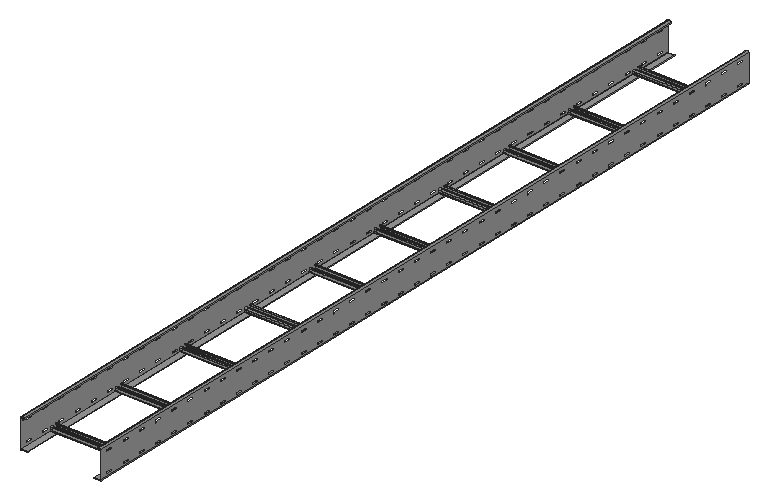
Revit family "Kabelleiter LG 113 VS 3 FT", category Generic Models, Revit 2017 (continued)
Dimensions and locks
  locked: Extrusion 148 sketch curve to Extrusion 148 sketch curve at 28
  locked: plane 297 to Extrusion 148 sketch curve at 14
  locked: Extrusion 149 sketch curve to Extrusion 149 sketch curve at 9
  locked: plane 298 to Extrusion 149 sketch curve at 4.5
  locked: Extrusion 149 sketch curve to Extrusion 149 sketch curve at 28
  locked: plane 299 to Extrusion 149 sketch curve at 14
  locked: Extrusion 150 sketch curve to Extrusion 150 sketch curve at 9
  locked: plane 300 to Extrusion 150 sketch curve at 4.5
  locked: Extrusion 150 sketch curve to Extrusion 150 sketch curve at 28
  locked: plane 301 to Extrusion 150 sketch curve at 14
  locked: Extrusion 151 sketch curve to Extrusion 151 sketch curve at 9
  locked: plane 302 to Extrusion 151 sketch curve at 4.5
  locked: Extrusion 151 sketch curve to Extrusion 151 sketch curve at 28
  locked: plane 303 to Extrusion 151 sketch curve at 14
  locked: Extrusion 152 sketch curve to Extrusion 152 sketch curve at 9
  locked: plane 304 to Extrusion 152 sketch curve at 4.5
  locked: Extrusion 152 sketch curve to Extrusion 152 sketch curve at 28
  locked: plane 305 to Extrusion 152 sketch curve at 14
  locked: Extrusion 153 sketch curve to Extrusion 153 sketch curve at 9
  locked: plane 306 to Extrusion 153 sketch curve at 4.5
  locked: Extrusion 153 sketch curve to Extrusion 153 sketch curve at 28
  locked: plane 307 to Extrusion 153 sketch curve at 14
  locked: Extrusion 154 sketch curve to Extrusion 154 sketch curve at 9
  locked: plane 308 to Extrusion 154 sketch curve at 4.5
  locked: Extrusion 154 sketch curve to Extrusion 154 sketch curve at 28
  locked: plane 309 to Extrusion 154 sketch curve at 14
  locked: Extrusion 155 sketch curve to Extrusion 155 sketch curve at 9
  locked: plane 310 to Extrusion 155 sketch curve at 4.5
  locked: Extrusion 155 sketch curve to Extrusion 155 sketch curve at 28
  locked: plane 311 to Extrusion 155 sketch curve at 14
  locked: Extrusion 156 sketch curve to Extrusion 156 sketch curve at 9
  locked: plane 312 to Extrusion 156 sketch curve at 4.5
  locked: Extrusion 156 sketch curve to Extrusion 156 sketch curve at 28
  locked: plane 313 to Extrusion 156 sketch curve at 14
  locked: Extrusion 157 sketch curve to Extrusion 157 sketch curve at 9
  locked: plane 314 to Extrusion 157 sketch curve at 4.5
  locked: Extrusion 157 sketch curve to Extrusion 157 sketch curve at 28
  locked: plane 315 to Extrusion 157 sketch curve at 14
  locked: Extrusion 158 sketch curve to Extrusion 158 sketch curve at 9
  locked: plane 316 to Extrusion 158 sketch curve at 4.5
  locked: Extrusion 158 sketch curve to Extrusion 158 sketch curve at 28
  locked: plane 317 to Extrusion 158 sketch curve at 14
  locked: Extrusion 159 sketch curve to Extrusion 159 sketch curve at 9
  locked: plane 318 to Extrusion 159 sketch curve at 4.5
  locked: Extrusion 159 sketch curve to Extrusion 159 sketch curve at 28
  locked: plane 319 to Extrusion 159 sketch curve at 14
  locked: Extrusion 160 sketch curve to Extrusion 160 sketch curve at 9
  locked: plane 320 to Extrusion 160 sketch curve at 4.5
  locked: Extrusion 160 sketch curve to Extrusion 160 sketch curve at 28
  locked: plane 321 to Extrusion 160 sketch curve at 14
  locked: Extrusion 161 sketch curve to Extrusion 161 sketch curve at 9
  locked: plane 322 to Extrusion 161 sketch curve at 4.5
  locked: Extrusion 161 sketch curve to Extrusion 161 sketch curve at 28
  locked: plane 323 to Extrusion 161 sketch curve at 14
  locked: Extrusion 162 sketch curve to Extrusion 162 sketch curve at 9
  locked: plane 324 to Extrusion 162 sketch curve at 4.5
  locked: Extrusion 162 sketch curve to Extrusion 162 sketch curve at 28
  locked: plane 325 to Extrusion 162 sketch curve at 14
  locked: Extrusion 163 sketch curve to Extrusion 163 sketch curve at 9
  locked: plane 326 to Extrusion 163 sketch curve at 4.5
  locked: Extrusion 163 sketch curve to Extrusion 163 sketch curve at 28
  locked: plane 327 to Extrusion 163 sketch curve at 14
  locked: Extrusion 164 sketch curve to Extrusion 164 sketch curve at 9
  locked: plane 328 to Extrusion 164 sketch curve at 4.5
  locked: Extrusion 164 sketch curve to Extrusion 164 sketch curve at 28
  locked: plane 329 to Extrusion 164 sketch curve at 14
  locked: Extrusion 165 sketch curve to Extrusion 165 sketch curve at 9
  locked: plane 330 to Extrusion 165 sketch curve at 4.5
  locked: Extrusion 165 sketch curve to Extrusion 165 sketch curve at 28
  locked: plane 331 to Extrusion 165 sketch curve at 14
  locked: Extrusion 166 sketch curve to Extrusion 166 sketch curve at 9
  locked: plane 332 to Extrusion 166 sketch curve at 4.5
  locked: Extrusion 166 sketch curve to Extrusion 166 sketch curve at 28
  locked: plane 333 to Extrusion 166 sketch curve at 14
  locked: Extrusion 167 sketch curve to Extrusion 167 sketch curve at 9
  locked: plane 334 to Extrusion 167 sketch curve at 4.5
  locked: Extrusion 167 sketch curve to Extrusion 167 sketch curve at 28
  locked: plane 335 to Extrusion 167 sketch curve at 14
  locked: Extrusion 168 sketch curve to Extrusion 168 sketch curve at 9
  locked: plane 336 to Extrusion 168 sketch curve at 4.5
  locked: Extrusion 168 sketch curve to Extrusion 168 sketch curve at 28
  locked: plane 337 to Extrusion 168 sketch curve at 14
  locked: Extrusion 169 sketch curve to Extrusion 169 sketch curve at 9
  locked: plane 338 to Extrusion 169 sketch curve at 4.5
  locked: Extrusion 169 sketch curve to Extrusion 169 sketch curve at 28
  locked: plane 339 to Extrusion 169 sketch curve at 14
  locked: Extrusion 170 sketch curve to Extrusion 170 sketch curve at 9
  locked: plane 340 to Extrusion 170 sketch curve at 4.5
  locked: Extrusion 170 sketch curve to Extrusion 170 sketch curve at 28
  locked: plane 341 to Extrusion 170 sketch curve at 14
  locked: Extrusion 171 sketch curve to Extrusion 171 sketch curve at 7.038
  locked: plane 342 to Extrusion 171 sketch curve at 3.5
  locked: Extrusion 171 sketch curve to Extrusion 171 sketch curve at 20
  locked: Extrusion 171 sketch curve to plane 343 at 10
  locked: Extrusion 172 sketch curve to Extrusion 172 sketch curve at 7.038
  locked: plane 344 to Extrusion 172 sketch curve at 3.5
  locked: Extrusion 172 sketch curve to Extrusion 172 sketch curve at 20
  locked: Extrusion 172 sketch curve to plane 345 at 10
  equal spacing: group 80, group 81, group 82, group 83, group 84  (x3)
  locked: Extrusion 173 sketch curve to Extrusion 173 sketch curve at 7.038
  locked: plane 346 to Extrusion 173 sketch curve at 3.5
  locked: Extrusion 173 sketch curve to Extrusion 173 sketch curve at 20
  locked: Extrusion 173 sketch curve to plane 347 at 10
  locked: Extrusion 174 sketch curve to Extrusion 174 sketch curve at 7.038
  locked: plane 348 to Extrusion 174 sketch curve at 3.5
  locked: Extrusion 174 sketch curve to Extrusion 174 sketch curve at 20
  locked: Extrusion 174 sketch curve to plane 349 at 10
  locked: Extrusion 175 sketch curve to Extrusion 175 sketch curve at 7.038
  locked: plane 350 to Extrusion 175 sketch curve at 3.5
  locked: Extrusion 175 sketch curve to Extrusion 175 sketch curve at 20
  locked: Extrusion 175 sketch curve to plane 351 at 10
  locked: Extrusion 176 sketch curve to Extrusion 176 sketch curve at 7.038
  locked: plane 352 to Extrusion 176 sketch curve at 3.5
  locked: Extrusion 176 sketch curve to Extrusion 176 sketch curve at 20
  locked: Extrusion 176 sketch curve to plane 353 at 10
  locked: Extrusion 177 sketch curve to Extrusion 177 sketch curve at 7.038
  locked: plane 354 to Extrusion 177 sketch curve at 3.5
  locked: Extrusion 177 sketch curve to Extrusion 177 sketch curve at 20
  locked: Extrusion 177 sketch curve to plane 355 at 10
  locked: Extrusion 178 sketch curve to Extrusion 178 sketch curve at 7.038
  locked: plane 356 to Extrusion 178 sketch curve at 3.5
  locked: Extrusion 178 sketch curve to Extrusion 178 sketch curve at 20
  locked: Extrusion 178 sketch curve to plane 357 at 10
  equal spacing: group 87, group 88, group 89, group 90, group 91  (x3)
  locked: Extrusion 179 sketch curve to Extrusion 179 sketch curve at 7.038
  locked: plane 358 to Extrusion 179 sketch curve at 3.5
  locked: Extrusion 179 sketch curve to Extrusion 179 sketch curve at 20
  locked: Extrusion 179 sketch curve to plane 359 at 10
  locked: Extrusion 180 sketch curve to Extrusion 180 sketch curve at 7.038
  locked: plane 360 to Extrusion 180 sketch curve at 3.5
  locked: Extrusion 180 sketch curve to Extrusion 180 sketch curve at 20
  locked: Extrusion 180 sketch curve to plane 361 at 10
  locked: Extrusion 181 sketch curve to Extrusion 181 sketch curve at 7.038
  locked: plane 362 to Extrusion 181 sketch curve at 3.5
  locked: Extrusion 181 sketch curve to Extrusion 181 sketch curve at 20
  locked: Extrusion 181 sketch curve to plane 363 at 10
  locked: Extrusion 182 sketch curve to Extrusion 182 sketch curve at 7.038
  locked: plane 364 to Extrusion 182 sketch curve at 3.5
  locked: Extrusion 182 sketch curve to Extrusion 182 sketch curve at 20
  locked: Extrusion 182 sketch curve to plane 365 at 10
  locked: Extrusion 183 sketch curve to Extrusion 183 sketch curve at 7.038
  locked: plane 366 to Extrusion 183 sketch curve at 3.5
  locked: Extrusion 183 sketch curve to Extrusion 183 sketch curve at 20
  locked: Extrusion 183 sketch curve to plane 367 at 10
  equal spacing: group 93, group 94, group 95, group 96, group 97  (x3)
  locked: Extrusion 184 sketch curve to Extrusion 184 sketch curve at 7.038
  locked: plane 368 to Extrusion 184 sketch curve at 3.5
  locked: Extrusion 184 sketch curve to Extrusion 184 sketch curve at 20
  locked: Extrusion 184 sketch curve to plane 369 at 10
  locked: Extrusion 185 sketch curve to Extrusion 185 sketch curve at 7.038
  locked: plane 370 to Extrusion 185 sketch curve at 3.5
  locked: Extrusion 185 sketch curve to Extrusion 185 sketch curve at 20
  locked: Extrusion 185 sketch curve to plane 371 at 10
  locked: Extrusion 186 sketch curve to Extrusion 186 sketch curve at 7.038
  locked: plane 372 to Extrusion 186 sketch curve at 3.5
  locked: Extrusion 186 sketch curve to Extrusion 186 sketch curve at 20
  locked: Extrusion 186 sketch curve to plane 373 at 10
  locked: Extrusion 187 sketch curve to Extrusion 187 sketch curve at 7.038
  locked: plane 374 to Extrusion 187 sketch curve at 3.5
  locked: Extrusion 187 sketch curve to Extrusion 187 sketch curve at 20
  locked: Extrusion 187 sketch curve to plane 375 at 10
  locked: Extrusion 188 sketch curve to Extrusion 188 sketch curve at 7.038
  locked: plane 376 to Extrusion 188 sketch curve at 3.5
  locked: Extrusion 188 sketch curve to Extrusion 188 sketch curve at 20
  locked: Extrusion 188 sketch curve to plane 377 at 10
  equal spacing: group 98, group 99, group 100, group 101, group 102  (x3)
  locked: Extrusion 189 sketch curve to Extrusion 189 sketch curve at 7.038
  locked: plane 378 to Extrusion 189 sketch curve at 3.5
  locked: Extrusion 189 sketch curve to Extrusion 189 sketch curve at 20
  locked: Extrusion 189 sketch curve to plane 379 at 10
  locked: Extrusion 190 sketch curve to Extrusion 190 sketch curve at 7.038
  locked: plane 380 to Extrusion 190 sketch curve at 3.5
  locked: Extrusion 190 sketch curve to Extrusion 190 sketch curve at 20
  locked: Extrusion 190 sketch curve to plane 381 at 10
  locked: Extrusion 191 sketch curve to Extrusion 191 sketch curve at 7.038
  locked: plane 382 to Extrusion 191 sketch curve at 3.5
  locked: Extrusion 191 sketch curve to Extrusion 191 sketch curve at 20
  locked: Extrusion 191 sketch curve to plane 383 at 10
  locked: Extrusion 192 sketch curve to Extrusion 192 sketch curve at 7.038
  locked: plane 384 to Extrusion 192 sketch curve at 3.5
  locked: Extrusion 192 sketch curve to Extrusion 192 sketch curve at 20
  locked: Extrusion 192 sketch curve to plane 385 at 10
  locked: Extrusion 193 sketch curve to Extrusion 193 sketch curve at 7.038
  locked: plane 386 to Extrusion 193 sketch curve at 3.5
  locked: Extrusion 193 sketch curve to Extrusion 193 sketch curve at 20
  locked: Extrusion 193 sketch curve to plane 387 at 10
  locked: Extrusion 194 sketch curve to Extrusion 194 sketch curve at 7.038
  locked: plane 388 to Extrusion 194 sketch curve at 3.5
  locked: Extrusion 194 sketch curve to Extrusion 194 sketch curve at 20
  locked: Extrusion 194 sketch curve to plane 389 at 10
  locked: Extrusion 195 sketch curve to Extrusion 195 sketch curve at 7.038
  locked: plane 390 to Extrusion 195 sketch curve at 3.5
  locked: Extrusion 195 sketch curve to Extrusion 195 sketch curve at 20
  locked: Extrusion 195 sketch curve to plane 391 at 10
  locked: Extrusion 196 sketch curve to Extrusion 196 sketch curve at 7.038
  locked: plane 392 to Extrusion 196 sketch curve at 3.5
  locked: Extrusion 196 sketch curve to Extrusion 196 sketch curve at 20
  locked: Extrusion 196 sketch curve to plane 393 at 10
  locked: Extrusion 197 sketch curve to Extrusion 197 sketch curve at 7.038
  locked: plane 394 to Extrusion 197 sketch curve at 3.5
  locked: Extrusion 197 sketch curve to Extrusion 197 sketch curve at 20
  locked: Extrusion 197 sketch curve to plane 395 at 10
  locked: Extrusion 198 sketch curve to Extrusion 198 sketch curve at 7.038
  locked: plane 396 to Extrusion 198 sketch curve at 3.5
  locked: Extrusion 198 sketch curve to Extrusion 198 sketch curve at 20
  locked: Extrusion 198 sketch curve to plane 397 at 10
  equal spacing: group 103, group 104, group 105, group 106, group 107  (x3)
  locked: Extrusion 199 sketch curve to Extrusion 199 sketch curve at 7.038
  locked: plane 398 to Extrusion 199 sketch curve at 3.5
  locked: Extrusion 199 sketch curve to Extrusion 199 sketch curve at 20
  locked: Extrusion 199 sketch curve to plane 399 at 10
  locked: Extrusion 200 sketch curve to Extrusion 200 sketch curve at 7.038
  locked: plane 400 to Extrusion 200 sketch curve at 3.5
  locked: Extrusion 200 sketch curve to Extrusion 200 sketch curve at 20
  locked: Extrusion 200 sketch curve to plane 401 at 10
  locked: Extrusion 201 sketch curve to Extrusion 201 sketch curve at 7.038
  locked: plane 402 to Extrusion 201 sketch curve at 3.5
  locked: Extrusion 201 sketch curve to Extrusion 201 sketch curve at 20
  locked: Extrusion 201 sketch curve to plane 403 at 10
  locked: Extrusion 202 sketch curve to Extrusion 202 sketch curve at 7.038
  locked: plane 404 to Extrusion 202 sketch curve at 3.5
  locked: Extrusion 202 sketch curve to Extrusion 202 sketch curve at 20
  locked: Extrusion 202 sketch curve to plane 405 at 10
  locked: Extrusion 203 sketch curve to Extrusion 203 sketch curve at 7.038
  locked: plane 406 to Extrusion 203 sketch curve at 3.5
  locked: Extrusion 203 sketch curve to Extrusion 203 sketch curve at 20
  locked: Extrusion 203 sketch curve to plane 407 at 10
  equal spacing: group 109, group 110, group 111, group 112, group 113  (x3)
  locked: Extrusion 204 sketch curve to Extrusion 204 sketch curve at 7.038
  locked: plane 408 to Extrusion 204 sketch curve at 3.5
  locked: Extrusion 204 sketch curve to Extrusion 204 sketch curve at 20
  locked: Extrusion 204 sketch curve to plane 409 at 10
  locked: Extrusion 205 sketch curve to Extrusion 205 sketch curve at 7.038
  locked: plane 410 to Extrusion 205 sketch curve at 3.5
  locked: Extrusion 205 sketch curve to Extrusion 205 sketch curve at 20
  locked: Extrusion 205 sketch curve to plane 411 at 10
  locked: Extrusion 206 sketch curve to Extrusion 206 sketch curve at 7.038
  locked: plane 412 to Extrusion 206 sketch curve at 3.5
  locked: Extrusion 206 sketch curve to Extrusion 206 sketch curve at 20
  locked: Extrusion 206 sketch curve to plane 413 at 10
  locked: Extrusion 207 sketch curve to Extrusion 207 sketch curve at 7.038
  locked: plane 414 to Extrusion 207 sketch curve at 3.5
  locked: Extrusion 207 sketch curve to Extrusion 207 sketch curve at 20
  locked: Extrusion 207 sketch curve to plane 415 at 10
  locked: Extrusion 208 sketch curve to Extrusion 208 sketch curve at 7.038
  locked: plane 416 to Extrusion 208 sketch curve at 3.5
  locked: Extrusion 208 sketch curve to Extrusion 208 sketch curve at 20
  locked: Extrusion 208 sketch curve to plane 417 at 10
  equal spacing: group 115, group 116, group 117, group 118, group 119  (x3)
  locked: Extrusion 209 sketch curve to Extrusion 209 sketch curve at 7.038
  locked: plane 418 to Extrusion 209 sketch curve at 3.5
  locked: Extrusion 209 sketch curve to Extrusion 209 sketch curve at 20
  locked: Extrusion 209 sketch curve to plane 419 at 10
  locked: Extrusion 210 sketch curve to Extrusion 210 sketch curve at 7.038
  locked: plane 420 to Extrusion 210 sketch curve at 3.5
  locked: Extrusion 210 sketch curve to Extrusion 210 sketch curve at 20
  locked: Extrusion 210 sketch curve to plane 421 at 10
  locked: Extrusion 211 sketch curve to Extrusion 211 sketch curve at 7.038
  locked: plane 422 to Extrusion 211 sketch curve at 3.5
  locked: Extrusion 211 sketch curve to Extrusion 211 sketch curve at 20
  locked: Extrusion 211 sketch curve to plane 423 at 10
  locked: Extrusion 212 sketch curve to Extrusion 212 sketch curve at 7.038
  locked: plane 424 to Extrusion 212 sketch curve at 3.5
  locked: Extrusion 212 sketch curve to Extrusion 212 sketch curve at 20
  locked: Extrusion 212 sketch curve to plane 425 at 10
  locked: Extrusion 213 sketch curve to Extrusion 213 sketch curve at 7.038
  locked: plane 426 to Extrusion 213 sketch curve at 3.5
  locked: Extrusion 213 sketch curve to Extrusion 213 sketch curve at 20
  locked: Extrusion 213 sketch curve to plane 427 at 10
  equal spacing: group 121, group 122, group 123, group 124, group 125  (x3)
  locked: Extrusion 214 sketch curve to Extrusion 214 sketch curve at 7.038
  locked: plane 428 to Extrusion 214 sketch curve at 3.5
  locked: Extrusion 214 sketch curve to Extrusion 214 sketch curve at 20
  locked: Extrusion 214 sketch curve to plane 429 at 10
  locked: Extrusion 215 sketch curve to Extrusion 215 sketch curve at 7.038
  locked: plane 430 to Extrusion 215 sketch curve at 3.5
  locked: Extrusion 215 sketch curve to Extrusion 215 sketch curve at 20
  locked: Extrusion 215 sketch curve to plane 431 at 10
  locked: Extrusion 216 sketch curve to Extrusion 216 sketch curve at 7.038
  locked: plane 432 to Extrusion 216 sketch curve at 3.5
  locked: Extrusion 216 sketch curve to Extrusion 216 sketch curve at 20
  locked: Extrusion 216 sketch curve to plane 433 at 10
  locked: Extrusion 217 sketch curve to Extrusion 217 sketch curve at 16.959
  locked: Extrusion 217 sketch curve to Extrusion 217 sketch curve at 30
  locked: Extrusion 217 sketch curve to Extrusion 217 sketch curve at 27
  locked: Extrusion 217 sketch curve to Extrusion 217 sketch curve at 1.5  (x3)
  Extrusion 217 sketch curve to Extrusion 217 sketch curve = 1.5 mm
  locked: Extrusion 217 sketch curve to plane 434 at 15
  locked: Extrusion 218 sketch curve to Extrusion 218 sketch curve at 7.038
  locked: plane 435 to Extrusion 218 sketch curve at 3.5
  locked: Extrusion 218 sketch curve to Extrusion 218 sketch curve at 20
  locked: Extrusion 218 sketch curve to plane 436 at 10
  locked: Extrusion 219 sketch curve to Extrusion 219 sketch curve at 7.038
  locked: plane 437 to Extrusion 219 sketch curve at 3.5
  locked: Extrusion 219 sketch curve to Extrusion 219 sketch curve at 20
  locked: Extrusion 219 sketch curve to plane 438 at 10
  locked: Extrusion 220 sketch curve to Extrusion 220 sketch curve at 7.038
  locked: plane 439 to Extrusion 220 sketch curve at 3.5
  locked: Extrusion 220 sketch curve to Extrusion 220 sketch curve at 20
  locked: Extrusion 220 sketch curve to plane 440 at 10
  locked: Extrusion 221 sketch curve to Extrusion 221 sketch curve at 7.038
  locked: plane 441 to Extrusion 221 sketch curve at 3.5
  locked: Extrusion 221 sketch curve to Extrusion 221 sketch curve at 20
  locked: Extrusion 221 sketch curve to plane 442 at 10
  locked: Extrusion 222 sketch curve to Extrusion 222 sketch curve at 7.038
  locked: plane 443 to Extrusion 222 sketch curve at 3.5
  locked: Extrusion 222 sketch curve to Extrusion 222 sketch curve at 20
  locked: Extrusion 222 sketch curve to plane 444 at 10
  aligned and locked: level to plane 2
  aligned and locked: plane 8 to Extrusion 1
  aligned and locked: Extrusion 1 to plane 3 "Center (Left/Right)"
  aligned and locked: plane 10 to Extrusion 1
  aligned and locked: plane 1 "Center (Front/Back)" to Extrusion 1
  aligned and locked: Extrusion 2 to Extrusion 1  (x2)
  aligned and locked: plane 13 to Extrusion 2
  aligned and locked: Extrusion 2 to plane 12
  aligned and locked: Extrusion 11 to plane 3 "Center (Left/Right)"
  aligned and locked: Extrusion 1 to Extrusion 11
  aligned and locked: Extrusion 1 to Extrusion 91  (x2)
  aligned and locked: Extrusion 2 to Extrusion 171
Automatic sketch dimensions
  Extrusion 1 sketch curve to Extrusion 1 sketch curve = 0 mm  (x3)
  Extrusion 1 sketch curve to plane 3 "Center (Left/Right)" = 0 mm
  Extrusion 1 sketch curve to plane 6 = 0 mm
  Extrusion 1 sketch curve to level = 0 mm
  plane 4 to Extrusion 1 sketch curve = 0 mm
  Extrusion 1 sketch curve to Extrusion 1 sketch curve = 1 mm  (x2)
  Extrusion 2 sketch curve to Extrusion 2 sketch curve = 0 mm  (x9)
  Extrusion 2 sketch curve to plane 11 = 0 mm  (x2)
  Extrusion 2 sketch curve to Extrusion 2 sketch curve = 3.522 mm
  Extrusion 2 sketch curve to Extrusion 2 sketch curve = 1.5 mm  (x3)
  Extrusion 2 sketch curve to Extrusion 2 sketch curve = 3.519 mm
  Extrusion 2 sketch curve to Extrusion 2 sketch curve = 9 mm  (x2)
  Extrusion 3 sketch curve to Extrusion 3 sketch curve = 0 mm  (x9)
  Extrusion 3 sketch curve to plane 14 = 0 mm  (x2)
  Extrusion 3 sketch curve to Extrusion 3 sketch curve = 3.522 mm
  Extrusion 3 sketch curve to Extrusion 3 sketch curve = 1.5 mm  (x3)
  Extrusion 3 sketch curve to Extrusion 3 sketch curve = 3.519 mm
  Extrusion 3 sketch curve to Extrusion 3 sketch curve = 9 mm  (x2)
  Extrusion 4 sketch curve to Extrusion 4 sketch curve = 0 mm  (x9)
  Extrusion 4 sketch curve to plane 15 = 0 mm  (x2)
  Extrusion 4 sketch curve to Extrusion 4 sketch curve = 3.522 mm
  Extrusion 4 sketch curve to Extrusion 4 sketch curve = 1.5 mm  (x3)
  Extrusion 4 sketch curve to Extrusion 4 sketch curve = 3.519 mm
  Extrusion 4 sketch curve to Extrusion 4 sketch curve = 9 mm  (x2)
  Extrusion 5 sketch curve to Extrusion 5 sketch curve = 0 mm  (x9)
  Extrusion 5 sketch curve to plane 16 = 0 mm  (x2)
  Extrusion 5 sketch curve to Extrusion 5 sketch curve = 3.522 mm
  Extrusion 5 sketch curve to Extrusion 5 sketch curve = 1.5 mm  (x3)
  Extrusion 5 sketch curve to Extrusion 5 sketch curve = 3.519 mm
  Extrusion 5 sketch curve to Extrusion 5 sketch curve = 9 mm  (x2)
  Extrusion 6 sketch curve to Extrusion 6 sketch curve = 0 mm  (x9)
  Extrusion 6 sketch curve to plane 17 = 0 mm  (x2)
  Extrusion 6 sketch curve to Extrusion 6 sketch curve = 3.522 mm
  Extrusion 6 sketch curve to Extrusion 6 sketch curve = 1.5 mm  (x3)
  Extrusion 6 sketch curve to Extrusion 6 sketch curve = 3.519 mm
  Extrusion 6 sketch curve to Extrusion 6 sketch curve = 9 mm  (x2)
  Extrusion 7 sketch curve to Extrusion 7 sketch curve = 0 mm  (x9)
  Extrusion 7 sketch curve to plane 18 = 0 mm  (x2)
  Extrusion 7 sketch curve to Extrusion 7 sketch curve = 3.522 mm
  Extrusion 7 sketch curve to Extrusion 7 sketch curve = 1.5 mm  (x3)
  Extrusion 7 sketch curve to Extrusion 7 sketch curve = 3.519 mm
  Extrusion 7 sketch curve to Extrusion 7 sketch curve = 9 mm  (x2)
  Extrusion 8 sketch curve to Extrusion 8 sketch curve = 0 mm  (x9)
  Extrusion 8 sketch curve to plane 19 = 0 mm  (x2)
  Extrusion 8 sketch curve to Extrusion 8 sketch curve = 3.522 mm
  Extrusion 8 sketch curve to Extrusion 8 sketch curve = 1.5 mm  (x3)
  Extrusion 8 sketch curve to Extrusion 8 sketch curve = 3.519 mm
  Extrusion 8 sketch curve to Extrusion 8 sketch curve = 9 mm  (x2)
  Extrusion 9 sketch curve to Extrusion 9 sketch curve = 0 mm  (x9)
  Extrusion 9 sketch curve to plane 20 = 0 mm  (x2)
  Extrusion 9 sketch curve to Extrusion 9 sketch curve = 3.522 mm
  Extrusion 9 sketch curve to Extrusion 9 sketch curve = 1.5 mm  (x3)
  Extrusion 9 sketch curve to Extrusion 9 sketch curve = 3.519 mm
  Extrusion 9 sketch curve to Extrusion 9 sketch curve = 9 mm  (x2)
  Extrusion 10 sketch curve to Extrusion 10 sketch curve = 0 mm  (x9)
  Extrusion 10 sketch curve to plane 21 = 0 mm  (x2)
  Extrusion 10 sketch curve to Extrusion 10 sketch curve = 3.522 mm
  Extrusion 10 sketch curve to Extrusion 10 sketch curve = 1.5 mm  (x3)
  Extrusion 10 sketch curve to Extrusion 10 sketch curve = 3.519 mm
  Extrusion 10 sketch curve to Extrusion 10 sketch curve = 9 mm  (x2)
  level to Extrusion 2 sketch curve = 1.5 mm
  level to Extrusion 3 sketch curve = 1.5 mm
  level to Extrusion 5 sketch curve = 1.5 mm
  Extrusion 217 sketch curve to Extrusion 217 sketch curve = 0 mm  (x9)
  Extrusion 217 sketch curve to plane 434 = 0 mm  (x2)
  Extrusion 217 sketch curve to Extrusion 217 sketch curve = 3.522 mm
  Extrusion 217 sketch curve to Extrusion 217 sketch curve = 1.5 mm  (x3)
  Extrusion 217 sketch curve to Extrusion 217 sketch curve = 3.519 mm
  Extrusion 217 sketch curve to Extrusion 217 sketch curve = 9 mm  (x2)
  level to Extrusion 6 sketch curve = 1.5 mm
  level to Extrusion 4 sketch curve = 1.5 mm
  level to Extrusion 217 sketch curve = 1.5 mm
  level to Extrusion 7 sketch curve = 1.5 mm
  level to Extrusion 8 sketch curve = 1.5 mm
  level to Extrusion 9 sketch curve = 1.5 mm
  level to Extrusion 10 sketch curve = 1.5 mm
